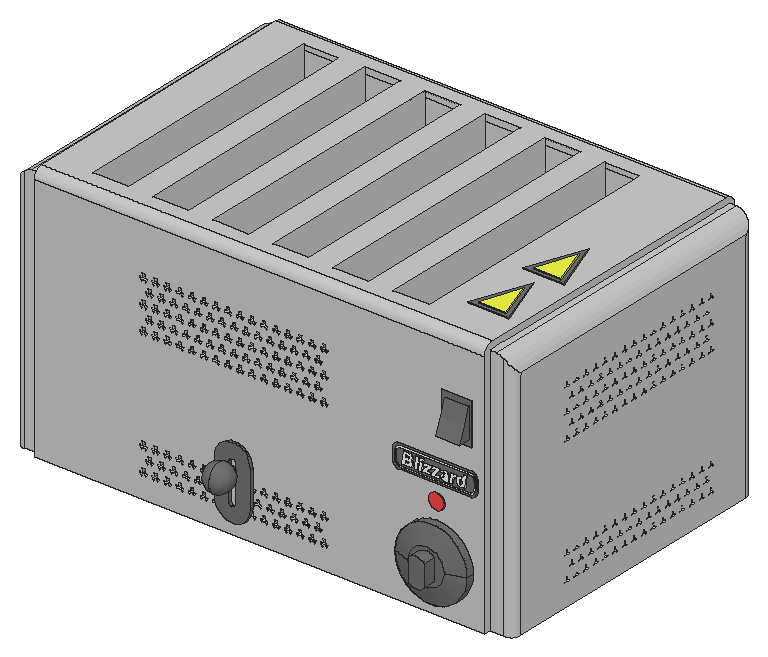
Revit family "QF_BLIZZARD_B6ST", category Specialty Equipment, Revit 2016 (continued)
Forms (mm)
  Extrusion 20, void
    sketch origin (155, 299.548, 0.393) x (0, -1, 0) y (0, 0, -1)
      loop
        arc (399.991, -42.822) -> (399.432, -40.546) -> (401.683, -39.892) r 1.694
        arc (401.683, -39.892) -> (401.232, -38.216) -> (400.006, -36.988) r 3.369
        arc (400.006, -36.988) -> (398.314, -38.61) -> (396.622, -36.988) r 1.694
        arc (396.622, -36.988) -> (395.397, -38.216) -> (394.946, -39.892) r 3.369
        arc (394.946, -39.892) -> (397.197, -40.546) -> (396.638, -42.822) r 1.694
      loop
        arc (406.638, -42.822) -> (408.314, -43.269) -> (409.991, -42.822) r 3.369
        arc (409.991, -42.822) -> (409.432, -40.546) -> (411.683, -39.892) r 1.694
        arc (411.683, -39.892) -> (411.232, -38.216) -> (410.006, -36.988) r 3.369
        arc (410.006, -36.988) -> (408.314, -38.61) -> (406.622, -36.988) r 1.694
        arc (406.622, -36.988) -> (405.397, -38.216) -> (404.946, -39.892) r 3.369
        arc (404.946, -39.892) -> (407.197, -40.546) -> (406.638, -42.822) r 1.694
      loop
        arc (416.638, -42.822) -> (418.314, -43.269) -> (419.991, -42.822) r 3.369
        arc (419.991, -42.822) -> (419.432, -40.546) -> (421.683, -39.892) r 1.694
        arc (421.683, -39.892) -> (421.232, -38.216) -> (420.006, -36.988) r 3.369
        arc (420.006, -36.988) -> (418.314, -38.61) -> (416.622, -36.988) r 1.694
        arc (416.622, -36.988) -> (415.397, -38.216) -> (414.946, -39.892) r 3.369
        arc (414.946, -39.892) -> (417.197, -40.546) -> (416.638, -42.822) r 1.694
      loop
        arc (426.638, -42.822) -> (428.314, -43.269) -> (429.991, -42.822) r 3.369
        arc (429.991, -42.822) -> (429.432, -40.546) -> (431.683, -39.892) r 1.694
        arc (431.683, -39.892) -> (431.232, -38.216) -> (430.006, -36.988) r 3.369
        arc (430.006, -36.988) -> (428.314, -38.61) -> (426.622, -36.988) r 1.694
        arc (426.622, -36.988) -> (425.397, -38.216) -> (424.946, -39.892) r 3.369
        arc (424.946, -39.892) -> (427.197, -40.546) -> (426.638, -42.822) r 1.694
      loop
        arc (436.638, -42.822) -> (438.314, -43.269) -> (439.991, -42.822) r 3.369
        arc (439.991, -42.822) -> (439.432, -40.546) -> (441.683, -39.892) r 1.694
        arc (441.683, -39.892) -> (441.232, -38.216) -> (440.006, -36.988) r 3.369
        arc (440.006, -36.988) -> (438.314, -38.61) -> (436.622, -36.988) r 1.694
        arc (436.622, -36.988) -> (435.397, -38.216) -> (434.946, -39.892) r 3.369
        arc (434.946, -39.892) -> (437.197, -40.546) -> (436.638, -42.822) r 1.694
      loop
        arc (446.638, -42.822) -> (448.314, -43.269) -> (449.991, -42.822) r 3.369
        arc (449.991, -42.822) -> (449.432, -40.546) -> (451.683, -39.892) r 1.694
        arc (451.683, -39.892) -> (451.232, -38.216) -> (450.006, -36.988) r 3.369
        arc (450.006, -36.988) -> (448.314, -38.61) -> (446.622, -36.988) r 1.694
        arc (446.622, -36.988) -> (445.397, -38.216) -> (444.946, -39.892) r 3.369
        arc (444.946, -39.892) -> (447.197, -40.546) -> (446.638, -42.822) r 1.694
      loop
        arc (456.638, -42.822) -> (458.314, -43.269) -> (459.991, -42.822) r 3.369
        arc (459.991, -42.822) -> (459.432, -40.546) -> (461.683, -39.892) r 1.694
        arc (461.683, -39.892) -> (461.232, -38.216) -> (460.006, -36.988) r 3.369
        arc (460.006, -36.988) -> (458.314, -38.61) -> (456.622, -36.988) r 1.694
        arc (456.622, -36.988) -> (455.397, -38.216) -> (454.946, -39.892) r 3.369
        arc (454.946, -39.892) -> (457.197, -40.546) -> (456.638, -42.822) r 1.694
      loop
        arc (466.638, -42.822) -> (468.314, -43.269) -> (469.991, -42.822) r 3.369
        arc (469.991, -42.822) -> (469.432, -40.546) -> (471.683, -39.892) r 1.694
        arc (471.683, -39.892) -> (471.232, -38.216) -> (470.006, -36.988) r 3.369
        arc (470.006, -36.988) -> (468.314, -38.61) -> (466.622, -36.988) r 1.694
        arc (466.622, -36.988) -> (465.397, -38.216) -> (464.946, -39.892) r 3.369
        arc (464.946, -39.892) -> (467.197, -40.546) -> (466.638, -42.822) r 1.694
      loop
        arc (476.638, -42.822) -> (478.314, -43.269) -> (479.991, -42.822) r 3.369
        arc (479.991, -42.822) -> (479.432, -40.546) -> (481.683, -39.892) r 1.694
        arc (481.683, -39.892) -> (481.232, -38.216) -> (480.006, -36.988) r 3.369
        arc (480.006, -36.988) -> (478.314, -38.61) -> (476.622, -36.988) r 1.694
        arc (476.622, -36.988) -> (475.397, -38.216) -> (474.946, -39.892) r 3.369
        arc (474.946, -39.892) -> (477.197, -40.546) -> (476.638, -42.822) r 1.694
      loop
        arc (486.638, -42.822) -> (488.314, -43.269) -> (489.991, -42.822) r 3.369
        arc (489.991, -42.822) -> (489.432, -40.546) -> (491.683, -39.892) r 1.694
        arc (491.683, -39.892) -> (491.232, -38.216) -> (490.006, -36.988) r 3.369
        arc (490.006, -36.988) -> (488.314, -38.61) -> (486.622, -36.988) r 1.694
        arc (486.622, -36.988) -> (485.397, -38.216) -> (484.946, -39.892) r 3.369
        arc (484.946, -39.892) -> (487.197, -40.546) -> (486.638, -42.822) r 1.694
      loop
        arc (496.638, -42.822) -> (498.314, -43.269) -> (499.991, -42.822) r 3.369
        arc (499.991, -42.822) -> (499.432, -40.546) -> (501.683, -39.892) r 1.694
        arc (501.683, -39.892) -> (501.232, -38.216) -> (500.006, -36.988) r 3.369
        arc (500.006, -36.988) -> (498.314, -38.61) -> (496.622, -36.988) r 1.694
        arc (496.622, -36.988) -> (495.397, -38.216) -> (494.946, -39.892) r 3.369
        arc (494.946, -39.892) -> (497.197, -40.546) -> (496.638, -42.822) r 1.694
      loop
        arc (351.638, -32.822) -> (353.314, -33.269) -> (354.991, -32.822) r 3.369
        arc (354.991, -32.822) -> (354.432, -30.546) -> (356.683, -29.892) r 1.694
        arc (356.683, -29.892) -> (356.232, -28.216) -> (355.006, -26.988) r 3.369
        arc (355.006, -26.988) -> (353.314, -28.61) -> (351.622, -26.988) r 1.694
        arc (351.622, -26.988) -> (350.397, -28.216) -> (349.946, -29.892) r 3.369
        arc (349.946, -29.892) -> (352.197, -30.546) -> (351.638, -32.822) r 1.694
      loop
        arc (361.638, -32.822) -> (363.314, -33.269) -> (364.991, -32.822) r 3.369
        arc (364.991, -32.822) -> (364.432, -30.546) -> (366.683, -29.892) r 1.694
        arc (366.683, -29.892) -> (366.232, -28.216) -> (365.006, -26.988) r 3.369
        arc (365.006, -26.988) -> (363.314, -28.61) -> (361.622, -26.988) r 1.694
        arc (361.622, -26.988) -> (360.397, -28.216) -> (359.946, -29.892) r 3.369
        arc (359.946, -29.892) -> (362.197, -30.546) -> (361.638, -32.822) r 1.694
      loop
        arc (371.638, -32.822) -> (373.314, -33.269) -> (374.991, -32.822) r 3.369
        arc (374.991, -32.822) -> (374.432, -30.546) -> (376.683, -29.892) r 1.694
        arc (376.683, -29.892) -> (376.232, -28.216) -> (375.006, -26.988) r 3.369
        arc (375.006, -26.988) -> (373.314, -28.61) -> (371.622, -26.988) r 1.694
        arc (371.622, -26.988) -> (370.397, -28.216) -> (369.946, -29.892) r 3.369
        arc (369.946, -29.892) -> (372.197, -30.546) -> (371.638, -32.822) r 1.694
      loop
        arc (381.638, -32.822) -> (383.314, -33.269) -> (384.991, -32.822) r 3.369
        arc (384.991, -32.822) -> (384.432, -30.546) -> (386.683, -29.892) r 1.694
        arc (386.683, -29.892) -> (386.232, -28.216) -> (385.006, -26.988) r 3.369
        arc (385.006, -26.988) -> (383.314, -28.61) -> (381.622, -26.988) r 1.694
        arc (381.622, -26.988) -> (380.397, -28.216) -> (379.946, -29.892) r 3.369
        arc (379.946, -29.892) -> (382.197, -30.546) -> (381.638, -32.822) r 1.694
      loop
        arc (391.638, -32.822) -> (393.314, -33.269) -> (394.991, -32.822) r 3.369
        arc (394.991, -32.822) -> (394.432, -30.546) -> (396.683, -29.892) r 1.694
        arc (396.683, -29.892) -> (396.232, -28.216) -> (395.006, -26.988) r 3.369
        arc (395.006, -26.988) -> (393.314, -28.61) -> (391.622, -26.988) r 1.694
        arc (391.622, -26.988) -> (390.397, -28.216) -> (389.946, -29.892) r 3.369
        arc (389.946, -29.892) -> (392.197, -30.546) -> (391.638, -32.822) r 1.694
      loop
        arc (401.638, -32.822) -> (403.314, -33.269) -> (404.991, -32.822) r 3.369
        arc (404.991, -32.822) -> (404.432, -30.546) -> (406.683, -29.892) r 1.694
        arc (406.683, -29.892) -> (406.232, -28.216) -> (405.006, -26.988) r 3.369
        arc (405.006, -26.988) -> (403.314, -28.61) -> (401.622, -26.988) r 1.694
        arc (401.622, -26.988) -> (400.397, -28.216) -> (399.946, -29.892) r 3.369
        arc (399.946, -29.892) -> (402.197, -30.546) -> (401.638, -32.822) r 1.694
      loop
        arc (411.638, -32.822) -> (413.314, -33.269) -> (414.991, -32.822) r 3.369
        arc (414.991, -32.822) -> (414.432, -30.546) -> (416.683, -29.892) r 1.694
        arc (416.683, -29.892) -> (416.232, -28.216) -> (415.006, -26.988) r 3.369
        arc (415.006, -26.988) -> (413.314, -28.61) -> (411.622, -26.988) r 1.694
        arc (411.622, -26.988) -> (410.397, -28.216) -> (409.946, -29.892) r 3.369
        arc (409.946, -29.892) -> (412.197, -30.546) -> (411.638, -32.822) r 1.694
      loop
        arc (421.638, -32.822) -> (423.314, -33.269) -> (424.991, -32.822) r 3.369
        arc (424.991, -32.822) -> (424.432, -30.546) -> (426.683, -29.892) r 1.694
        arc (426.683, -29.892) -> (426.232, -28.216) -> (425.006, -26.988) r 3.369
        arc (425.006, -26.988) -> (423.314, -28.61) -> (421.622, -26.988) r 1.694
        arc (421.622, -26.988) -> (420.397, -28.216) -> (419.946, -29.892) r 3.369
        arc (419.946, -29.892) -> (422.197, -30.546) -> (421.638, -32.822) r 1.694
      loop
        arc (431.638, -32.822) -> (433.314, -33.269) -> (434.991, -32.822) r 3.369
        arc (434.991, -32.822) -> (434.432, -30.546) -> (436.683, -29.892) r 1.694
        arc (436.683, -29.892) -> (436.232, -28.216) -> (435.006, -26.988) r 3.369
        arc (435.006, -26.988) -> (433.314, -28.61) -> (431.622, -26.988) r 1.694
        arc (431.622, -26.988) -> (430.397, -28.216) -> (429.946, -29.892) r 3.369
        arc (429.946, -29.892) -> (432.197, -30.546) -> (431.638, -32.822) r 1.694
      loop
        arc (441.638, -32.822) -> (443.314, -33.269) -> (444.991, -32.822) r 3.369
        arc (444.991, -32.822) -> (444.432, -30.546) -> (446.683, -29.892) r 1.694
        arc (446.683, -29.892) -> (446.232, -28.216) -> (445.006, -26.988) r 3.369
        arc (445.006, -26.988) -> (443.314, -28.61) -> (441.622, -26.988) r 1.694
        arc (441.622, -26.988) -> (440.397, -28.216) -> (439.946, -29.892) r 3.369
        arc (439.946, -29.892) -> (442.197, -30.546) -> (441.638, -32.822) r 1.694
      loop
        arc (451.638, -32.822) -> (453.314, -33.269) -> (454.991, -32.822) r 3.369
        arc (454.991, -32.822) -> (454.432, -30.546) -> (456.683, -29.892) r 1.694
        arc (456.683, -29.892) -> (456.232, -28.216) -> (455.006, -26.988) r 3.369
        arc (455.006, -26.988) -> (453.314, -28.61) -> (451.622, -26.988) r 1.694
        arc (451.622, -26.988) -> (450.397, -28.216) -> (449.946, -29.892) r 3.369
        arc (449.946, -29.892) -> (452.197, -30.546) -> (451.638, -32.822) r 1.694
      loop
        arc (461.638, -32.822) -> (463.314, -33.269) -> (464.991, -32.822) r 3.369
        arc (464.991, -32.822) -> (464.432, -30.546) -> (466.683, -29.892) r 1.694
        arc (466.683, -29.892) -> (466.232, -28.216) -> (465.006, -26.988) r 3.369
        arc (465.006, -26.988) -> (463.314, -28.61) -> (461.622, -26.988) r 1.694
        arc (461.622, -26.988) -> (460.397, -28.216) -> (459.946, -29.892) r 3.369
        arc (459.946, -29.892) -> (462.197, -30.546) -> (461.638, -32.822) r 1.694
      loop
        arc (471.638, -32.822) -> (473.314, -33.269) -> (474.991, -32.822) r 3.369
        arc (474.991, -32.822) -> (474.432, -30.546) -> (476.683, -29.892) r 1.694
        arc (476.683, -29.892) -> (476.232, -28.216) -> (475.006, -26.988) r 3.369
        arc (475.006, -26.988) -> (473.314, -28.61) -> (471.622, -26.988) r 1.694
        arc (471.622, -26.988) -> (470.397, -28.216) -> (469.946, -29.892) r 3.369
        arc (469.946, -29.892) -> (472.197, -30.546) -> (471.638, -32.822) r 1.694
      loop
        arc (481.638, -32.822) -> (483.314, -33.269) -> (484.991, -32.822) r 3.369
        arc (484.991, -32.822) -> (484.432, -30.546) -> (486.683, -29.892) r 1.694
        arc (486.683, -29.892) -> (486.232, -28.216) -> (485.006, -26.988) r 3.369
        arc (485.006, -26.988) -> (483.314, -28.61) -> (481.622, -26.988) r 1.694
        arc (481.622, -26.988) -> (480.397, -28.216) -> (479.946, -29.892) r 3.369
        arc (479.946, -29.892) -> (482.197, -30.546) -> (481.638, -32.822) r 1.694
      loop
        arc (491.638, -32.822) -> (493.314, -33.269) -> (494.991, -32.822) r 3.369
        arc (494.991, -32.822) -> (494.432, -30.546) -> (496.683, -29.892) r 1.694
        arc (496.683, -29.892) -> (496.232, -28.216) -> (495.006, -26.988) r 3.369
        arc (495.006, -26.988) -> (493.314, -28.61) -> (491.622, -26.988) r 1.694
        arc (491.622, -26.988) -> (490.397, -28.216) -> (489.946, -29.892) r 3.369
        arc (489.946, -29.892) -> (492.197, -30.546) -> (491.638, -32.822) r 1.694
      loop
        arc (346.638, -22.822) -> (348.314, -23.269) -> (349.991, -22.822) r 3.369
        arc (349.991, -22.822) -> (349.432, -20.546) -> (351.683, -19.892) r 1.694
        arc (351.683, -19.892) -> (351.232, -18.216) -> (350.006, -16.988) r 3.369
        arc (350.006, -16.988) -> (348.314, -18.61) -> (346.622, -16.988) r 1.694
        arc (346.622, -16.988) -> (345.397, -18.216) -> (344.946, -19.892) r 3.369
        arc (344.946, -19.892) -> (347.197, -20.546) -> (346.638, -22.822) r 1.694
      loop
        arc (356.638, -22.822) -> (358.314, -23.269) -> (359.991, -22.822) r 3.369
        arc (359.991, -22.822) -> (359.432, -20.546) -> (361.683, -19.892) r 1.694
        arc (361.683, -19.892) -> (361.232, -18.216) -> (360.006, -16.988) r 3.369
        arc (360.006, -16.988) -> (358.314, -18.61) -> (356.622, -16.988) r 1.694
        arc (356.622, -16.988) -> (355.397, -18.216) -> (354.946, -19.892) r 3.369
        arc (354.946, -19.892) -> (357.197, -20.546) -> (356.638, -22.822) r 1.694
      loop
        arc (366.638, -22.822) -> (368.314, -23.269) -> (369.991, -22.822) r 3.369
        arc (369.991, -22.822) -> (369.432, -20.546) -> (371.683, -19.892) r 1.694
        arc (371.683, -19.892) -> (371.232, -18.216) -> (370.006, -16.988) r 3.369
        arc (370.006, -16.988) -> (368.314, -18.61) -> (366.622, -16.988) r 1.694
        arc (366.622, -16.988) -> (365.397, -18.216) -> (364.946, -19.892) r 3.369
        arc (364.946, -19.892) -> (367.197, -20.546) -> (366.638, -22.822) r 1.694
      loop
        arc (376.638, -22.822) -> (378.314, -23.269) -> (379.991, -22.822) r 3.369
        arc (379.991, -22.822) -> (379.432, -20.546) -> (381.683, -19.892) r 1.694
        arc (381.683, -19.892) -> (381.232, -18.216) -> (380.006, -16.988) r 3.369
        arc (380.006, -16.988) -> (378.314, -18.61) -> (376.622, -16.988) r 1.694
        arc (376.622, -16.988) -> (375.397, -18.216) -> (374.946, -19.892) r 3.369
        arc (374.946, -19.892) -> (377.197, -20.546) -> (376.638, -22.822) r 1.694
      loop
        arc (386.638, -22.822) -> (388.314, -23.269) -> (389.991, -22.822) r 3.369
        arc (389.991, -22.822) -> (389.432, -20.546) -> (391.683, -19.892) r 1.694
        arc (391.683, -19.892) -> (391.232, -18.216) -> (390.006, -16.988) r 3.369
        arc (390.006, -16.988) -> (388.314, -18.61) -> (386.622, -16.988) r 1.694
        arc (386.622, -16.988) -> (385.397, -18.216) -> (384.946, -19.892) r 3.369
        arc (384.946, -19.892) -> (387.197, -20.546) -> (386.638, -22.822) r 1.694
      loop
        arc (396.638, -22.822) -> (398.314, -23.269) -> (399.991, -22.822) r 3.369
        arc (399.991, -22.822) -> (399.432, -20.546) -> (401.683, -19.892) r 1.694
        arc (401.683, -19.892) -> (401.232, -18.216) -> (400.006, -16.988) r 3.369
        arc (400.006, -16.988) -> (398.314, -18.61) -> (396.622, -16.988) r 1.694
        arc (396.622, -16.988) -> (395.397, -18.216) -> (394.946, -19.892) r 3.369
        arc (394.946, -19.892) -> (397.197, -20.546) -> (396.638, -22.822) r 1.694
      loop
        arc (406.638, -22.822) -> (408.314, -23.269) -> (409.991, -22.822) r 3.369
        arc (409.991, -22.822) -> (409.432, -20.546) -> (411.683, -19.892) r 1.694
        arc (411.683, -19.892) -> (411.232, -18.216) -> (410.006, -16.988) r 3.369
        arc (410.006, -16.988) -> (408.314, -18.61) -> (406.622, -16.988) r 1.694
        arc (406.622, -16.988) -> (405.397, -18.216) -> (404.946, -19.892) r 3.369
        arc (404.946, -19.892) -> (407.197, -20.546) -> (406.638, -22.822) r 1.694
      loop
        arc (416.638, -22.822) -> (418.314, -23.269) -> (419.991, -22.822) r 3.369
        arc (419.991, -22.822) -> (419.432, -20.546) -> (421.683, -19.892) r 1.694
        arc (421.683, -19.892) -> (421.232, -18.216) -> (420.006, -16.988) r 3.369
        arc (420.006, -16.988) -> (418.314, -18.61) -> (416.622, -16.988) r 1.694
        arc (416.622, -16.988) -> (415.397, -18.216) -> (414.946, -19.892) r 3.369
        arc (414.946, -19.892) -> (417.197, -20.546) -> (416.638, -22.822) r 1.694
      loop
        arc (426.638, -22.822) -> (428.314, -23.269) -> (429.991, -22.822) r 3.369
        arc (429.991, -22.822) -> (429.432, -20.546) -> (431.683, -19.892) r 1.694
        arc (431.683, -19.892) -> (431.232, -18.216) -> (430.006, -16.988) r 3.369
        arc (430.006, -16.988) -> (428.314, -18.61) -> (426.622, -16.988) r 1.694
        arc (426.622, -16.988) -> (425.397, -18.216) -> (424.946, -19.892) r 3.369
        arc (424.946, -19.892) -> (427.197, -20.546) -> (426.638, -22.822) r 1.694
      loop
        arc (436.638, -22.822) -> (438.314, -23.269) -> (439.991, -22.822) r 3.369
        arc (439.991, -22.822) -> (439.432, -20.546) -> (441.683, -19.892) r 1.694
        arc (441.683, -19.892) -> (441.232, -18.216) -> (440.006, -16.988) r 3.369
        arc (440.006, -16.988) -> (438.314, -18.61) -> (436.622, -16.988) r 1.694
        arc (436.622, -16.988) -> (435.397, -18.216) -> (434.946, -19.892) r 3.369
        arc (434.946, -19.892) -> (437.197, -20.546) -> (436.638, -22.822) r 1.694
      loop
        arc (446.638, -22.822) -> (448.314, -23.269) -> (449.991, -22.822) r 3.369
        arc (449.991, -22.822) -> (449.432, -20.546) -> (451.683, -19.892) r 1.694
        arc (451.683, -19.892) -> (451.232, -18.216) -> (450.006, -16.988) r 3.369
        arc (450.006, -16.988) -> (448.314, -18.61) -> (446.622, -16.988) r 1.694
        arc (446.622, -16.988) -> (445.397, -18.216) -> (444.946, -19.892) r 3.369
        arc (444.946, -19.892) -> (447.197, -20.546) -> (446.638, -22.822) r 1.694
      loop
        arc (456.638, -22.822) -> (458.314, -23.269) -> (459.991, -22.822) r 3.369
        arc (459.991, -22.822) -> (459.432, -20.546) -> (461.683, -19.892) r 1.694
        arc (461.683, -19.892) -> (461.232, -18.216) -> (460.006, -16.988) r 3.369
        arc (460.006, -16.988) -> (458.314, -18.61) -> (456.622, -16.988) r 1.694
        arc (456.622, -16.988) -> (455.397, -18.216) -> (454.946, -19.892) r 3.369
        arc (454.946, -19.892) -> (457.197, -20.546) -> (456.638, -22.822) r 1.694
      loop
        arc (466.638, -22.822) -> (468.314, -23.269) -> (469.991, -22.822) r 3.369
        arc (469.991, -22.822) -> (469.432, -20.546) -> (471.683, -19.892) r 1.694
        arc (471.683, -19.892) -> (471.232, -18.216) -> (470.006, -16.988) r 3.369
        arc (470.006, -16.988) -> (468.314, -18.61) -> (466.622, -16.988) r 1.694
        arc (466.622, -16.988) -> (465.397, -18.216) -> (464.946, -19.892) r 3.369
        arc (464.946, -19.892) -> (467.197, -20.546) -> (466.638, -22.822) r 1.694
      loop
        arc (476.638, -22.822) -> (478.314, -23.269) -> (479.991, -22.822) r 3.369
        arc (479.991, -22.822) -> (479.432, -20.546) -> (481.683, -19.892) r 1.694
        arc (481.683, -19.892) -> (481.232, -18.216) -> (480.006, -16.988) r 3.369
        arc (480.006, -16.988) -> (478.314, -18.61) -> (476.622, -16.988) r 1.694
        arc (476.622, -16.988) -> (475.397, -18.216) -> (474.946, -19.892) r 3.369
        arc (474.946, -19.892) -> (477.197, -20.546) -> (476.638, -22.822) r 1.694
      loop
        arc (486.638, -22.822) -> (488.314, -23.269) -> (489.991, -22.822) r 3.369
        arc (489.991, -22.822) -> (489.432, -20.546) -> (491.683, -19.892) r 1.694
        arc (491.683, -19.892) -> (491.232, -18.216) -> (490.006, -16.988) r 3.369
        arc (490.006, -16.988) -> (488.314, -18.61) -> (486.622, -16.988) r 1.694
        arc (486.622, -16.988) -> (485.397, -18.216) -> (484.946, -19.892) r 3.369
        arc (484.946, -19.892) -> (487.197, -20.546) -> (486.638, -22.822) r 1.694
      loop
        arc (496.638, -22.822) -> (498.314, -23.269) -> (499.991, -22.822) r 3.369
        arc (499.991, -22.822) -> (499.432, -20.546) -> (501.683, -19.892) r 1.694
        arc (501.683, -19.892) -> (501.232, -18.216) -> (500.006, -16.988) r 3.369
        arc (500.006, -16.988) -> (498.314, -18.61) -> (496.622, -16.988) r 1.694
        arc (496.622, -16.988) -> (495.397, -18.216) -> (494.946, -19.892) r 3.369
        arc (494.946, -19.892) -> (497.197, -20.546) -> (496.638, -22.822) r 1.694
    from 254 to 262.634
  Extrusion 21, solid
    sketch origin (0, 0, 0) x (1, 0, 0) y (0, 1, 0)
      loop
        line (20.004, -19.5) -> (20.004, -239.5) -> (52.414, -239.5) -> (52.414, -19.5) -> (20.004, -19.5)
      loop
        line (102.414, -19.5) -> (82.414, -19.5) -> (82.414, -239.5) -> (102.414, -239.5) -> (102.414, -19.5)
      loop
        line (132.414, -239.5) -> (152.414, -239.5) -> (152.414, -19.5) -> (132.414, -19.5) -> (132.414, -239.5)
      loop
        line (182.414, -239.5) -> (202.414, -239.5) -> (202.414, -19.5) -> (182.414, -19.5) -> (182.414, -239.5)
      loop
        line (232.414, -239.5) -> (252.414, -239.5) -> (252.414, -19.5) -> (232.414, -19.5) -> (232.414, -239.5)
      loop
        line (282.414, -239.5) -> (302.414, -239.5) -> (302.414, -19.5) -> (282.414, -19.5) -> (282.414, -239.5)
      loop
        line (332.414, -239.5) -> (393.996, -239.5) -> (393.996, -19.5) -> (332.414, -19.5) -> (332.414, -239.5)
    from 122.405 to 214
  Extrusion 22, solid
    sketch origin (0, 0, 0) x (1, 0, 0) y (0, 1, 0)
      loop
        line (20.004, -5) -> (20.004, -254) -> (393.996, -254) -> (393.996, -5) -> (20.004, -5)
    from 0 to 122.405
  Extrusion 23, solid
    sketch origin (0, -259, 0) x (1, 0, 0) y (0, 0, 1)
      loop
        line (201.133, 25) -> (201.133, 55)
        arc (201.133, 55) -> (186.133, 70) -> (171.133, 55) r 15
        line (171.133, 55) -> (171.133, 25)
        arc (171.133, 25) -> (186.133, 10) -> (201.133, 25) r 15
      loop
        arc (183.133, 25) -> (186.133, 22) -> (189.133, 25) r 3
        line (189.133, 25) -> (189.133, 55)
        arc (189.133, 55) -> (186.133, 58) -> (183.133, 55) r 3
        line (183.133, 55) -> (183.133, 25)
    from 0 to 2
  Revolve 24, solid
    sketch origin (186.133, 0, 10) x (0, 1, 0) y (0, 0, 1)
      loop
        line (-261, 40) -> (-261, 42.5) -> (-264, 42.5)
        arc (-264, 42.5) -> (-276.116, 51.071) -> (-286, 40) r 11.142
        line (-286, 40) -> (-261, 40)
      axis (-261, 40) -> (-286, 40)
    angle from 0 to 360
Cuts and joins
  Extrusion 3, Extrusion 6, Extrusion 19, Extrusion 20 cuts Extrusion 2
  Extrusion 6, Extrusion 20 cuts Extrusion 5
  Extrusion 18, Extrusion 19 cuts Extrusion 4
  joined: Extrusion 4, Extrusion 21
Lines and regions (mm)
  reference lines
    curve 1: line (0, -183.475, 1485) -> (0, -697.791, 1021.908)
  symbolic lines, style "200-EquipBorder-2D"
    curve 2: line (20.004, -5, 0) -> (20.004, 0, 0)
    curve 3: line (20.004, 0, 0) -> (393.996, 0, 0)
    curve 4: line (393.996, 0, 0) -> (393.996, -5, 0)
    curve 5: line (393.996, -5, 0) -> (406, -5, 0)
    curve 6: arc (414, -13, 0) -> (411.657, -7.343, 0) -> (406, -5, 0) r 8
    curve 7: line (414, -246, 0) -> (414, -13, 0)
    curve 8: arc (406, -254, 0) -> (411.657, -251.657, 0) -> (414, -246, 0) r 8
    curve 9: line (393.996, -254, 0) -> (406, -254, 0)
    curve 10: line (20.004, -5, 0) -> (8, -5, 0)
    curve 11: arc (8, -5, 0) -> (2.343, -7.343, 0) -> (0, -13, 0) r 8
    curve 12: line (0, -13, 0) -> (0, -246, 0)
    curve 13: arc (0, -246, 0) -> (2.343, -251.657, 0) -> (8, -254, 0) r 8
    curve 14: line (8, -254, 0) -> (20.004, -254, 0)
    curve 15: line (20.004, -254, 0) -> (20.004, -259, 0)
    curve 16: line (20.004, -259, 0) -> (393.996, -259, 0)
    curve 17: line (393.996, -259, 0) -> (393.996, -254, 0)
    curve 18: line (393.996, -5, 0) -> (393.996, -254, 0)
    curve 19: line (20.004, -5, 0) -> (20.004, -254, 0)
    curve 44: line (324.293, -259, 0) -> (324.293, -265, 0)
    curve 45: line (324.293, -265, 0) -> (339.332, -270, 0)
    curve 46: line (339.332, -270, 0) -> (369.625, -270, 0)
    curve 47: line (384.664, -259, 0) -> (384.664, -265, 0)
    curve 48: line (384.664, -265, 0) -> (369.625, -270, 0)
    curve 49: line (348.02, -280, 0) -> (360.937, -280, 0)
    curve 50: line (348.02, -280, 0) -> (348.02, -270, 0)
    curve 51: line (360.937, -280, 0) -> (360.937, -270, 0)
    curve 52: line (183.633, -264, 0) -> (183.633, -259, 0)
    curve 53: line (188.633, -264, 0) -> (188.633, -259, 0)
    curve 54: line (183.633, -264, 0) -> (188.633, -264, 0)
    curve 55: arc (188.633, -264, 0) -> (186.133, -285.898, 0) -> (183.633, -264, 0) r 11.092
  symbolic lines, style "200-EquipInternal-2D"
    curve 20: line (52.414, -19.5, 0) -> (52.414, -239.5, 0)
    curve 21: line (82.414, -19.5, 0) -> (52.414, -19.5, 0)
    curve 22: line (82.414, -239.5, 0) -> (82.414, -19.5, 0)
    curve 23: line (52.414, -239.5, 0) -> (82.414, -239.5, 0)
    curve 24: line (102.414, -239.5, 0) -> (132.414, -239.5, 0)
    curve 25: line (102.414, -19.5, 0) -> (102.414, -239.5, 0)
    curve 26: line (132.414, -239.5, 0) -> (132.414, -19.5, 0)
    curve 27: line (152.414, -19.5, 0) -> (152.414, -239.5, 0)
    curve 28: line (182.414, -239.5, 0) -> (182.414, -19.5, 0)
    curve 29: line (152.414, -239.5, 0) -> (182.414, -239.5, 0)
    curve 30: line (202.414, -19.5, 0) -> (202.414, -239.5, 0)
    curve 31: line (202.414, -239.5, 0) -> (232.414, -239.5, 0)
    curve 32: line (232.414, -239.5, 0) -> (232.414, -19.5, 0)
    curve 33: line (132.414, -19.5, 0) -> (102.414, -19.5, 0)
    curve 34: line (182.414, -19.5, 0) -> (152.414, -19.5, 0)
    curve 35: line (232.414, -19.5, 0) -> (202.414, -19.5, 0)
    curve 36: line (252.414, -19.5, 0) -> (252.414, -239.5, 0)
    curve 37: line (282.414, -19.5, 0) -> (252.414, -19.5, 0)
    curve 38: line (282.414, -239.5, 0) -> (282.414, -19.5, 0)
    curve 39: line (252.414, -239.5, 0) -> (282.414, -239.5, 0)
    curve 40: line (302.414, -239.5, 0) -> (332.414, -239.5, 0)
    curve 41: line (302.414, -19.5, 0) -> (302.414, -239.5, 0)
    curve 42: line (332.414, -239.5, 0) -> (332.414, -19.5, 0)
    curve 43: line (332.414, -19.5, 0) -> (302.414, -19.5, 0)
Dimensions and locks
  plane 3 "Left" to plane 4 "Right" = 414 mm
  plane 5 "Front" to plane 1 "Back" = 259 mm
  plane 1 "Back" to plane 5 "Front" = 259 mm
  plane 4 "Right" to plane 3 "Left" = 414 mm
  plane 6 "Top" to level = 214 mm  (x2)
  aligned and locked: level to plane 2
